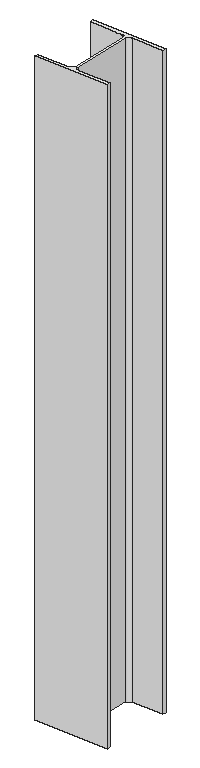
Revit family
Parameters (values of type "305x305x97UC")
  Column Material [instance] = Metal - Steel - 345 MPa
  Assembly Code = ""
  A = 0.0123 m²
  Ix = 22250
  M = 96.9
  Nominal h = "305"
  Zx = 1445
  b = 305.3 mm
  h = 307.9 mm
  r = 15.2 mm
  s = 9.9 mm
  t = 15.4 mm
Reference planes
  plane 1: y = 0
  plane 2: z = 0
  plane 3: x = 0
  plane 4: x = -152.65
  plane 5: x = 152.65
  plane 6: y = 153.95
  plane 7: y = -153.95
  plane 8: x = -3.969
  plane 9: x = 3.969
Forms (mm)
  Extrusion 1, solid, material "Metal - Steel - 345 MPa" <- "Column Material", detail levels medium
    sketch origin (0, 0, 0) x (1, 0, 0) y (0, 1, 0)
      loop
        line (-152.65, 153.95) -> (-152.65, 138.55) -> (-4.95, 138.55) -> (-4.95, -138.55) -> (-152.65, -138.55) -> (-152.65, -153.95) -> (152.65, -153.95) -> (152.65, -138.55) -> (4.95, -138.55) -> (4.95, 138.55) -> (152.65, 138.55) -> (152.65, 153.95) -> (-152.65, 153.95)
    from 0 to 2500
  Extrusion 2, solid, material "Metal - Steel - 345 MPa" <- "Column Material", detail levels fine
    sketch origin (0, 0, 0) x (1, 0, 0) y (0, 1, 0)
      loop
        line (-152.65, 153.95) -> (-152.65, 138.55) -> (-20.15, 138.55)
        arc (-20.15, 138.55) -> (-9.402, 134.098) -> (-4.95, 123.35) r 15.2
        line (-4.95, 123.35) -> (-4.95, -123.35)
        arc (-4.95, -123.35) -> (-9.402, -134.098) -> (-20.15, -138.55) r 15.2
        line (-20.15, -138.55) -> (-152.65, -138.55) -> (-152.65, -153.95) -> (152.65, -153.95) -> (152.65, -138.55) -> (20.15, -138.55)
        arc (20.15, -138.55) -> (9.402, -134.098) -> (4.95, -123.35) r 15.2
        line (4.95, -123.35) -> (4.95, 123.35)
        arc (4.95, 123.35) -> (9.402, 134.098) -> (20.15, 138.55) r 15.2
        line (20.15, 138.55) -> (152.65, 138.55) -> (152.65, 153.95) -> (-152.65, 153.95)
    from 0 to 2500
Lines and regions (mm)
  symbolic lines, style "StructuralColumnStickSymbols", detail levels coarse
    curve 1: line (-152.65, 153.95, 0) -> (152.65, 153.95, 0)
    curve 2: line (-152.65, -153.95, 0) -> (152.65, -153.95, 0)
    curve 3: line (0, 153.95, 0) -> (0, -153.95, 0)
  symbolic lines, style "Hidden Faces", detail levels medium+fine
    curve 4: line (-3.969, 0, 0) -> (-3.969, 0, 2500)
    curve 5: line (3.969, 0, 2500) -> (3.969, 0, 0)
Dimensions and locks
  equal spacing: plane 4, plane 3, plane 5
  equal spacing: plane 7, plane 1, plane 6
  "h": plane 7 to plane 6
  "b": plane 4 to plane 5
  "t": plane 7 to Extrusion 1 sketch curve
  "t": Extrusion 1 sketch curve to plane 6
  equal spacing: Extrusion 1 sketch curve, plane 3, Extrusion 1 sketch curve
  "s": Extrusion 1 sketch curve to Extrusion 1 sketch curve
  "r": radius of Extrusion 2 sketch curve  (x4)
  aligned and locked: plane 6 to Extrusion 1 sketch curve
  aligned and locked: Extrusion 1 sketch curve to plane 7
  aligned and locked: Extrusion 1 sketch curve to plane 4  (x2)
  aligned and locked: plane 5 to Extrusion 1 sketch curve  (x2)
  aligned and locked: Extrusion 1 sketch curve to Extrusion 1 sketch curve  (x2)
  aligned and locked: level to Extrusion 1
  aligned and locked: level to plane 2
  aligned and locked: Extrusion 1 to plane 2
  aligned and locked: plane 6 to Extrusion 2 sketch curve
  aligned and locked: plane 5 to Extrusion 2 sketch curve  (x2)
  aligned and locked: Extrusion 2 sketch curve to plane 4  (x2)
  aligned and locked: Extrusion 2 sketch curve to Extrusion 1  (x6)
  aligned and locked: Extrusion 2 sketch curve to plane 7
  aligned and locked: level to Extrusion 2
  aligned and locked: Extrusion 2 to level
Automatic sketch dimensions
  curve 2 to plane 4 = 0 mm
  curve 1 to plane 4 = 0 mm
  curve 3 to plane 3 = 0 mm
  curve 2 to plane 5 = 0 mm
  curve 1 to plane 5 = 0 mm
  curve 3 to plane 7 = 0 mm
  curve 3 to plane 6 = 0 mm
  curve 4 to level = 0 mm  (x2)
  curve 4 to plane 8 = 0 mm
  curve 5 to level = 0 mm  (x2)
  curve 5 to plane 9 = 0 mm
